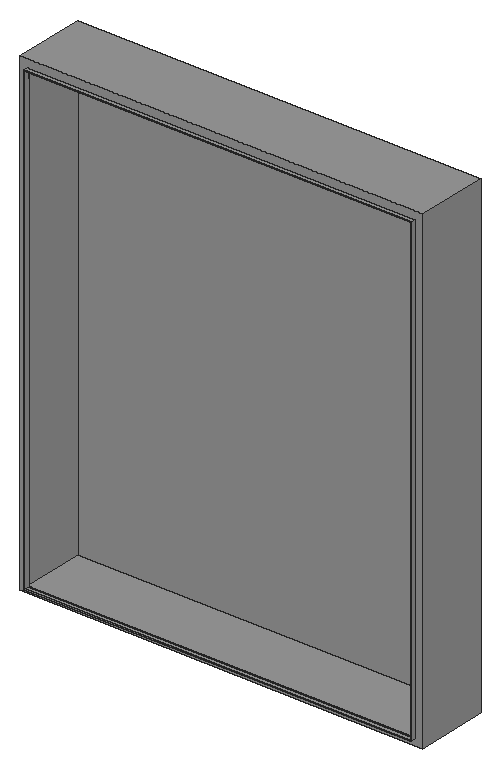
Revit family "Hager-Univers-IP30-D161-Cl.II-FWB-encl--NoHosted-CH-de", category Equipement électrique, Revit 2020
Family settings
  Configuration du panneau = Deux colonnes, circuits au sein
  Cote de connecteur circulaire = Utiliser le diamètre
  Type d'élément = Tableau de raccordement
  Basée sur le plan de construction = Oui
  Toujours verticalement = Oui
  Couper avec des vides une fois chargée = Non
  Partagée = Non
  Point de calcul de pièce = Non
Parameters (values of type "Aufputz IP30 B800 H950 T161  - FWB63D1")
  Width Control [instance] = if([EF000008 - Breite] > Min Width, [EF000008 - Breite], Min Width)  # 800 mm
  Commentaires du type = [HG000003 - Bereich]  # "Univers"
  Thickness Door [instance] = if([EF009171 - Materialstärke Tür/Deckel] > 3 mm, 3 mm, [EF009171 - Materialstärke Tür/Deckel])  # 1 mm
  Seal Frame Offset [instance] = 17 mm  # constant formula
  Plinth Visibility [instance] = [HG000027 - Sockelhöhe] > 0 mm  # no
  Min Width [instance] = 100 mm  # constant formula
  Min Depth [instance] = (2 * [EF009170 - Materialstärke Gehäuse]) + 1 mm  # 5 mm
  Min Height [instance] = 100 mm  # constant formula
  Internal Frame Depth [instance] = (Door System Depth * 0.5)  # 9 mm
  Panel Name [instance] = ""  # (empty or 0)
  Model = ""
  HG000027 - Sockelhöhe = 0 mm
  HG000026 - Stehend auf dem Boden = no
  HG000024 - Höhe des unteren Teils = 600 mm
  HG000023 - Gehäuse mit doppeltem Querschnitt = no
  HG000016 - 3D-Türsichtbarkeit [instance] = yes
  HG000015 - Sichtbarkeit der Türöffnung [instance] = no
  HG000014 - Tür rechts [instance] = yes
  HG000013 - Tür links [instance] = not([HG000014 - Tür rechts])  # no
  HG000012 - Türschwenkwinkel [instance] = 30.00°
  HG000010 - Asymmetrische Türen = no
  HG000009 - Doppelflügeligen Tür = no
  HG000006 - Unterputz = no
  HG000004 - Herstellerreferenz = "FWB63D1"
  HG000003 - Bereich = "Univers"
  HG000002 - Mit tür = no
  Frame Offset Bottom [instance] = 10 mm  # constant formula
  Frame Offset [instance] = 15 mm  # constant formula
  EF015940 - Deckel mit Überdruckentlastung = no
  EF011959 - Schutzart (NEMA) = ""
  EF009554 - Anzahl der Öffnungen für Flanschplatten = 6
  EF009212 - Ausführung Deckel = "EV009916 - mit Ausschnitt"
  EF009171 - Materialstärke Tür/Deckel = 1 mm
  EF009170 - Materialstärke Gehäuse = 2 mm
  EF008873 - Nennstrom (In) = 125 A
  EF007800 - Geeignet für Blitzschutz = no
  EF006306 - Mit Schloss = no
  EF006244 - Transparenter Deckel/Tür = no
  EF005474 - Schutzart (IP) = "EV006410 - IP30"
  EF004464 - Art der Tür = "EV000494 - ohne"
  EF004427 - Anzahl der Module = 216
  EF004293 - Schlagfestigkeit = "EV006815 - IK09"
  EF003532 - Geeignet für Außengebrauch = no
  EF002950 - Breite in Teilungseinheiten = 12
  EF001613 - Funktionserhalt = "EV000494 - ohne"
  EF001596 - Werkstoff des Gehäuses = "EV000179 - Stahl"
  EF001131 - Innentiefe = 160 mm
  EF001088 - Anbaumöglichkeit = yes
  EF000437 - Anzahl der Leitungseinführungen = 12
  EF000339 - Art der Abdeckung = "EV004216 - Tür"
  EF000266 - Anzahl der Reihen = 0
  EF000218 - Einbautiefe = 0 mm
  EF000118 - Mit Montageplatte = no
  EF000116 - RAL-Nummer = "9010"
  EF000049 - Tiefe = 161 mm
  EF000040 - Höhe = 950 mm
  EF000008 - Breite = 800 mm
  EF000007 - Farbe = "EV000202 - weiß"
  EF000003 - Montageart = "EV000384 - Aufputz"
  Door System Leaf Tolerance [instance] = 1.5 mm  # constant formula
  Door System Depth [instance] = 18 mm  # constant formula
  Door Height [instance] = Height Control - [HG000027 - Sockelhöhe]  # 950 mm
  Description = ""
  Default Elevation = 1219.2 mm
  Connector Offset [instance] = Height Control / 2  # 475 mm
  Fabricant = "Hager"  # constant formula
  Height Control [instance] = if([EF000040 - Höhe] > Min Height, [EF000040 - Höhe], Min Height)  # 950 mm
  Depth Control [instance] = if([EF000049 - Tiefe] > Min Depth, [EF000049 - Tiefe], Min Depth)  # 161 mm
  Bottom Top Plate Trim [instance] = 1.5 mm  # constant formula
  Plinth height Ctrl [instance] = if([HG000027 - Sockelhöhe] > 0 mm, [HG000027 - Sockelhöhe], 12 mm)  # 12 mm
Types (19, lengths in mm): name | Width Control | Thickness Door | Min Depth | HG000004 - Herstellerreferenz | EF009554 - Anzahl der Öffnungen für Flanschplatten | EF009212 - Ausführung Deckel | EF009171 - Materialstärke Tür/Deckel | EF009170 - Materialstärke Gehäuse | EF004427 - Anzahl der Module | EF001131 - Innentiefe | EF000437 - Anzahl der Leitungseinführungen | EF000339 - Art der Abdeckung | EF000040 - Höhe | EF000008 - Breite | Door Height | Connector Offset | Height Control
  Aufputz IP30 B1050 H1100 T161  - FWB74D1 | 1050 | 1 | 3 | "FWB74D1" | 8 | "EV009916 - mit Ausschnitt" | 1 | 1 | 336 | 156 | 16 | "EV000494 - ohne" | 1100 | 1050 | 1100 | 550 | 1100
  Aufputz IP30 B1050 H500 T161  - FWB34D1 | 1050 | 2 | 3 | "FWB34D1" | 8 | "EV009916 - mit Ausschnitt" | 2 | 1 | 144 | 156 | 16 | "EV000494 - ohne" | 500 | 1050 | 500 | 250 | 500
  Aufputz IP30 B1050 H650 T161  - FWB44D1 | 1050 | 1 | 3 | "FWB44D1" | 8 | "EV000116 - geschlossen" | 1 | 1 | 192 | 160 | 16 | "EV004216 - Tür" | 650 | 1050 | 650 | 325 | 650
  Aufputz IP30 B1050 H800 T161  - FWB54D1 | 1050 | 1 | 5 | "FWB54D1" | 8 | "EV009916 - mit Ausschnitt" | 1 | 2 | 240 | 160 | 16 | "EV004216 - Tür" | 800 | 1050 | 800 | 400 | 800
  Aufputz IP30 B1050 H950 T161  - FWB64D1 | 1050 | 1 | 5 | "FWB64D1" | 8 | "EV009916 - mit Ausschnitt" | 1 | 2 | 288 | 160 | 16 | "EV004216 - Tür" | 950 | 1050 | 950 | 475 | 950
  Aufputz IP30 B300 H1100 T161  - FWB71D1 | 300 | 1 | 3 | "FWB71D1" | 2 | "EV009916 - mit Ausschnitt" | 1 | 1 | 84 | 156 | 4 | "EV000494 - ohne" | 1100 | 300 | 1100 | 550 | 1100
  Aufputz IP30 B300 H1250 T161  - FWB81D1 | 300 | 1 | 3 | "FWB81D1" | 2 | "EV009916 - mit Ausschnitt" | 1 | 1 | 96 | 160 | 4 | "EV000494 - ohne" | 1250 | 300 | 1250 | 625 | 1250
  Aufputz IP30 B300 H650 T161  - FWB41D1 | 300 | 1 | 3 | "FWB41D1" | 2 | "EV000116 - geschlossen" | 1 | 1 | 48 | 160 | 4 | "EV004216 - Tür" | 650 | 300 | 650 | 325 | 650
  Aufputz IP30 B300 H800 T161  - FWB51D1 | 300 | 1 | 3 | "FWB51D1" | 2 | "EV009916 - mit Ausschnitt" | 1 | 1 | 60 | 156 | 4 | "EV000494 - ohne" | 800 | 300 | 800 | 400 | 800
  Aufputz IP30 B300 H950 T161  - FWB61D1 | 300 | 1 | 3 | "FWB61D1" | 2 | "EV009916 - mit Ausschnitt" | 1 | 1 | 72 | 156 | 4 | "EV000494 - ohne" | 950 | 300 | 950 | 475 | 950
  Aufputz IP30 B550 H1100 T161  - FWB72D1 | 550 | 1 | 3 | "FWB72D1" | 4 | "EV009916 - mit Ausschnitt" | 1 | 1 | 168 | 156 | 8 | "EV000494 - ohne" | 1100 | 550 | 1100 | 550 | 1100
  Aufputz IP30 B550 H500 T161  - FWB32D1 | 550 | 2 | 5 | "FWB32D1" | 4 | "EV009916 - mit Ausschnitt" | 2 | 2 | 72 | 156 | 8 | "EV000494 - ohne" | 500 | 550 | 500 | 250 | 500
  Aufputz IP30 B550 H650 T161  - FWB42D1 | 550 | 1 | 3 | "FWB42D1" | 4 | "EV000116 - geschlossen" | 1 | 1 | 96 | 160 | 8 | "EV004216 - Tür" | 650 | 550 | 650 | 325 | 650
  Aufputz IP30 B550 H800 T161  - FWB52D1 | 550 | 1 | 3 | "FWB52D1" | 4 | "EV009916 - mit Ausschnitt" | 1 | 1 | 120 | 156 | 8 | "EV000494 - ohne" | 800 | 550 | 800 | 400 | 800
  Aufputz IP30 B550 H950 T161  - FWB62D1 | 550 | 1 | 3 | "FWB62D1" | 4 | "EV009916 - mit Ausschnitt" | 1 | 1 | 144 | 156 | 8 | "EV000494 - ohne" | 950 | 550 | 950 | 475 | 950
  Aufputz IP30 B800 H500 T161  - FWB33D1 | 800 | 1 | 3 | "FWB33D1" | 6 | "EV000116 - geschlossen" | 1 | 1 | 108 | 160 | 12 | "EV004216 - Tür" | 500 | 800 | 500 | 250 | 500
  Aufputz IP30 B800 H650 T161  - FWB43D1 | 800 | 1 | 5 | "FWB43D1" | 6 | "EV000116 - geschlossen" | 1 | 2 | 144 | 160 | 12 | "EV004216 - Tür" | 650 | 800 | 650 | 325 | 650
  Aufputz IP30 B800 H800 T161  - FWB53D1 | 800 | 1 | 3 | "FWB53D1" | 6 | "EV000116 - geschlossen" | 1 | 1 | 180 | 160 | 12 | "EV004216 - Tür" | 800 | 800 | 800 | 400 | 800
  Aufputz IP30 B800 H950 T161  - FWB63D1 | 800 | 1 | 5 | "FWB63D1" | 6 | "EV009916 - mit Ausschnitt" | 1 | 2 | 216 | 160 | 12 | "EV004216 - Tür" | 950 | 800 | 950 | 475 | 950
Reference planes
  plane 1 "Center (Front/Back)": y = 0
  plane 2: z = 0
  plane 3 "Center (Left/Right)": x = 0
  plane 4: y = 0
  plane 5: y = 0
  plane 6: z = 0
  plane 7: x = -400
  plane 8: x = 400
  plane 9: x = 398
  plane 10: x = -398
  plane 11: z = 0
  plane 12: z = 2
  plane 13: y = -161
  plane 14: y = -2
  plane 15: x = 0
  plane 16: y = -143
  plane 17: y = -159
  plane 18: y = -141
  plane 19: x = -383
  plane 20: x = 383
  plane 21: z = 12
  plane 22: x = -383
  plane 23: x = 383
  plane 24: z = 0
  plane 25: z = 950
  plane 26: z = 950
  plane 27: z = 933
  plane 28: z = 948
Forms (mm)
  Extrusion 1, solid, material "Hager_Steel_RAL7035_Light_Grey", detail levels medium+fine
    sketch origin (-208.679, -4572, 0) x (-1, 0, 0) y (0, -1, 0)
      loop
        line (191.321, -4429) -> (-608.679, -4429) -> (-608.679, -4572) -> (191.321, -4572) -> (191.321, -4429)
    from 0 to 950
  Extrusion 2, void
    sketch origin (-350.771, -161, 1219.2) x (1, 0, 0) y (0, 0, 1)
      loop
        line (-47.229, -271.2) -> (-47.229, -1217.2) -> (748.771, -1217.2) -> (748.771, -271.2) -> (-47.229, -271.2)
    from -20 to -159
  Extrusion 3, void
    sketch origin (-290.084, -143, 1219.2) x (1, 0, 0) y (0, 0, 1)
      loop
        line (-92.916, -1207.2) -> (673.084, -1207.2) -> (673.084, -286.2) -> (-92.916, -286.2) -> (-92.916, -1207.2)
    from 0 to -2
  Extrusion 4, solid, material "Hager_Steel_RAL7035_Light_Grey", visible <- "Plinth Visibility", detail levels medium+fine
    sketch origin (0, 0, 0) x (1, 0, 0) y (0, 1, 0)
      loop
        line (-400, 0) -> (-400, -143) -> (400, -143) -> (400, 0) -> (-400, 0)
    from 0 to 12 <- "Plinth height Ctrl"
  Extrusion 5, solid, material "Hager_Steel_RAL7035_Light_Grey", detail levels coarse
    sketch origin (0, 0, 0) x (1, 0, 0) y (0, 1, 0)
      loop
        line (-400, 0) -> (-400, -161) -> (400, -161) -> (400, 0) -> (-400, 0)
    from 0 to 950 <- "Height Control"
  Sweep 6, void
    path in 3D
      loop
        line (-400, -143, 12) -> (400, -143, 12) -> (400, 0, 12) -> (-400, 0, 12) -> (-400, -143, 12)
    profile origin (-400, -71.5, 12) x (1, 0, 0) y (0, 0, 1)
      loop
        line (0, 0) -> (0, -1.5) -> (1.5, -1.5)
        arc (1.5, -1.5) -> (1.061, -0.439) -> (0, 0) r 1.5
  Extrusion 7, solid, material "Hager_Steel_RAL7035_Light_Grey", detail levels fine
    sketch origin (-400, -143, 0) x (1, 0, 0) y (0, 0, 1)
      loop
        line (17, 12) -> (783, 12) -> (783, 933) -> (17, 933) -> (17, 12)
      loop
        line (16, 11) -> (784, 11) -> (784, 934) -> (16, 934) -> (16, 11)
    from 0 to 9 <- "Internal Frame Depth"
Cuts and joins
  Extrusion 2, Extrusion 3 cuts Extrusion 1
  Sweep 6 cuts Extrusion 4
Lines and regions (mm)
  Masking region 1
    outline origin (0, 0, 0) x (1, 0, 0) y (0, 1, 0)
      loop
        line (-400, 0) -> (-400, -161) -> (400, -161) -> (400, 0) -> (-400, 0)
  Masking region 2, detail levels coarse
    outline origin (-290.084, -143, 1219.2) x (-1, 0, 0) y (0, 0, 1)
      loop
        line (-690.084, -1219.2) -> (109.916, -1219.2) -> (109.916, -269.2) -> (-690.084, -269.2) -> (-690.084, -1219.2)
  Masking region 3, detail levels coarse
    outline origin (0, 0, 0) x (0, 1, 0) y (0, 0, 1)
      loop
        line (0, 0) -> (0, 950) -> (-161, 950) -> (-161, 0) -> (0, 0)
  Masking region 4, visible <- "Plinth Visibility", detail levels medium+fine
    outline origin (0, 0, 0) x (0, 1, 0) y (0, 0, 1)
      loop
        line (-1.5, 12) -> (-141.5, 12)
        arc (-141.5, 12) -> (-141.939, 10.939) -> (-143, 10.5) r 1.5
        line (-143, 10.5) -> (-143, 0) -> (0, 0) -> (0, 10.5)
        arc (0, 10.5) -> (-1.061, 10.939) -> (-1.5, 12) r 1.5
  Masking region 5, detail levels medium+fine
    outline origin (0, 0, 594.038) x (0, 1, 0) y (0, 0, 1)
      loop
        line (0, -594.038) -> (0, 355.962) -> (-143, 355.962) -> (-143, -594.038) -> (0, -594.038)
  Masking region 6, detail levels medium+fine
    outline origin (-359.7, -143, 1211.883) x (-1, 0, 0) y (0, 0, 1)
      loop
        line (-759.7, -1211.883) -> (40.3, -1211.883) -> (40.3, -261.883) -> (-759.7, -261.883) -> (-759.7, -1211.883)
  Masking region 7, visible <- "Plinth Visibility", detail levels medium+fine
    outline origin (-320.334, -143, 1041.368) x (-1, 0, 0) y (0, 0, 1)
      loop
        line (-720.334, -1041.368) -> (79.666, -1041.368) -> (79.666, -1030.868)
        arc (79.666, -1030.868) -> (78.606, -1030.429) -> (78.166, -1029.368) r 1.5
        line (78.166, -1029.368) -> (-718.834, -1029.368)
        arc (-718.834, -1029.368) -> (-719.273, -1030.429) -> (-720.334, -1030.868) r 1.5
        line (-720.334, -1030.868) -> (-720.334, -1041.368)
  sketch lines
    curve 1: line (-400, 0, 12) -> (-400, -143, 12)
    curve 2: line (-400, -143, 12) -> (400, -143, 12)
    curve 3: line (400, 0, 12) -> (-400, 0, 12)
    curve 4: line (400, -143, 12) -> (400, 0, 12)
Dimensions and locks
  locked: plane 1 "Center (Front/Back)" to plane 5
  "EF009170 - Materialstärke Gehäuse": plane 7 to plane 10
  "EF009170 - Materialstärke Gehäuse": plane 8 to plane 9
  equal spacing: plane 7, plane 3 "Center (Left/Right)", plane 8
  "Width Control": plane 7 to plane 8
  "Depth Control": plane 4 to plane 13
  "EF009170 - Materialstärke Gehäuse": plane 4 to plane 14
  "Height Control": plane 25 to level
  "HG000027 - Sockelhöhe": plane 11 to level
  "EF009170 - Materialstärke Gehäuse": plane 12 to plane 11
  "EF009170 - Materialstärke Gehäuse": plane 17 to plane 13
  "EF009170 - Materialstärke Gehäuse": plane 18 to plane 16
  "Frame Offset Bottom": plane 21 to plane 12
  "Frame Offset": plane 10 to plane 19
  "Frame Offset": plane 9 to plane 20
  "Door System Depth": plane 16 to plane 13
  "Seal Frame Offset": plane 7 to plane 22
  "Seal Frame Offset": plane 8 to plane 23
  "EF009170 - Materialstärke Gehäuse": plane 26 to plane 28
  "Frame Offset": plane 28 to plane 27
  "Connector Offset": plane 2 to connector elem
  "Bottom Top Plate Trim": profile plane to Sweep 6 sketch curve
  "Bottom Top Plate Trim": Sweep 6 sketch curve to Sweep 6 sketch curve
  "Plinth height Ctrl": Masking region 4 sketch curve to level
  "Plinth height Ctrl": Masking region 7 sketch curve to level
  "Thickness Door": Extrusion 7 sketch curve to Extrusion 7 sketch curve  (x4)
  "Bottom Top Plate Trim": radius of Sweep 6 sketch curve
  "Bottom Top Plate Trim": radius of Masking region 4 sketch curve  (x2)
  "Bottom Top Plate Trim": radius of Masking region 7 sketch curve  (x2)
  aligned and locked: Extrusion 2 sketch curve to plane 12
  aligned and locked: Extrusion 2 sketch curve to plane 9
  aligned and locked: Extrusion 2 sketch curve to plane 10
  aligned and locked: Extrusion 2 to plane 14
  aligned and locked: Extrusion 1 sketch curve to plane 4
  aligned and locked: plane 8 to Extrusion 1 sketch curve
  aligned and locked: plane 7 to Extrusion 1 sketch curve
  aligned and locked: Extrusion 2 to plane 18
  aligned and locked: Extrusion 3 sketch curve to plane 19
  aligned and locked: plane 20 to Extrusion 3 sketch curve
  aligned and locked: Extrusion 3 to Extrusion 2
  aligned and locked: Extrusion 3 sketch curve to plane 21
  aligned and locked: plane 3 "Center (Left/Right)" to nested 1
  aligned and locked: Extrusion 1 sketch curve to plane 16
  aligned and locked: Extrusion 4 sketch curve to cut or joined group of Extrusion 1, Extrusion 2, Extrusion 3
  aligned and locked: Masking region 1 sketch curve to plane 7
  aligned and locked: Masking region 1 sketch curve to plane 5
  aligned and locked: Masking region 1 sketch curve to plane 8
  aligned and locked: Masking region 2 sketch curve to level
  aligned and locked: level to Masking region 3 sketch curve
  aligned and locked: plane 1 "Center (Front/Back)" to Masking region 3 sketch curve
  aligned and locked: plane 13 to Masking region 3 sketch curve
  aligned and locked: plane 5 to Masking region 4 sketch curve
  aligned and locked: Masking region 2 sketch curve to plane 8
  aligned and locked: Masking region 2 sketch curve to plane 7
  aligned and locked: plane 7 to nested 2
  aligned and locked: nested 2 to plane 5
  aligned and locked: plane 5 to Masking region 5 sketch curve
  aligned and locked: plane 26 to Masking region 5 sketch curve
  aligned and locked: Extrusion 5 sketch curve to plane 8
  aligned and locked: Extrusion 5 sketch curve to plane 7
  aligned and locked: Extrusion 5 sketch curve to plane 5
  aligned and locked: Extrusion 3 sketch curve to plane 27
  aligned and locked: Extrusion 2 sketch curve to plane 28
  aligned and locked: Masking region 2 to plane 25
  aligned and locked: Extrusion 4 to plane 16
  aligned and locked: profile plane to Sweep 6 sketch curve
  aligned and locked: Masking region 5 sketch curve to plane 24
  aligned and locked: level to Masking region 4 sketch curve
  aligned and locked: Masking region 1 to plane 13
  aligned and locked: nested 1 to plane 16
  aligned and locked: Masking region 3 to plane 25
  aligned and locked: plane 16 to Masking region 4 sketch curve
  aligned and locked: Masking region 5 sketch curve to plane 16
  aligned and locked: plane 24 to plane 11
  aligned and locked: plane 26 to plane 25
  aligned and locked: plane 26 to cut or joined group of Extrusion 1, Extrusion 2, Extrusion 3
  aligned and locked: nested 1 to plane 24
  aligned and locked: Extrusion 1 to Extrusion 3
  aligned and locked: Masking region 6 sketch curve to plane 8
  aligned and locked: Masking region 6 sketch curve to plane 24
  aligned and locked: Masking region 6 sketch curve to plane 7
  aligned and locked: Masking region 6 sketch curve to plane 26
  aligned and locked: Masking region 7 sketch curve to plane 7
  aligned and locked: level to Masking region 7 sketch curve
  aligned and locked: Masking region 7 sketch curve to plane 8
  aligned and locked: Extrusion 7 sketch curve to cut or joined group of Extrusion 1, Extrusion 2, Extrusion 3  (x4)
Automatic sketch dimensions
  plane 19 to Extrusion 3 sketch curve = 0 mm
  Extrusion 3 sketch curve to plane 20 = 0 mm
  Extrusion 3 sketch curve to plane 21 = 0 mm
  Extrusion 4 sketch curve to plane 7 = 0 mm
  Extrusion 4 sketch curve to plane 8 = 0 mm
  Extrusion 4 sketch curve to plane 16 = 0 mm
  Masking region 1 sketch curve to plane 13 = 0 mm
  Masking region 2 sketch curve to plane 25 = 0 mm
  Masking region 3 sketch curve to plane 25 = 0 mm
  Extrusion 5 sketch curve to plane 13 = 0 mm
  profile plane to Sweep 6 sketch curve = 0 mm
Nested families
  nested 1: "EC000058_Univers_Door" at (0, -143, 0), Double <- "HG000009 - Doppelflügeligen Tür", Transparent <- "EF006244 - Transparenter Deckel/Tür", Angle <- "HG000012 - Türschwenkwinkel", Door_Right <- "HG000014 - Tür rechts", Assymetrical <- "HG000010 - Asymmetrische Türen", Door <- "HG000002 - Mit tür", Width_Ctrl <- "Width Control", 3d_Door <- "HG000016 - 3D-Türsichtbarkeit", Clearance <- "HG000015 - Sichtbarkeit der Türöffnung", Door_Left <- "HG000013 - Tür links", Width <- "Width Control", Door_Depth <- "Door System Depth", Leaf_Tolerance <- "Door System Leaf Tolerance", Height <- "Door Height", Lock_Visibility <- "EF006306 - Mit Schloss", Thickness <- "Thickness Door", type "EC000058_Univers_Door", detail levels medium+fine
    with min_wh 3 mm, Width_Ctrl 800 mm, Width 800 mm, Transparent no, Thickness 1 mm, Seal_Material Hager_Rubber, Lock_Visibility no, Lock_Material Hager_Plastic_RAL9005_Jet_Black, Leaf_Width 800 mm, Leaf_Tolerance_External_Sides 0 mm, Leaf_Tolerance 1.5 mm, Leaf_Offset 0 mm, Leaf_Height 947 mm, Leaf_2_Width 800 mm, Leaf_2_Offset 400 mm, Leaf_1_Width 800 mm, Leaf_1_Offset 400 mm, Height_Ctrl 950 mm, Height 950 mm, Glass_Material Hager_Glass, Double_Clearance_Ctrl no, Double no, Door_Right_Ctrl no, Door_Right yes, Door_Material Hager_Steel_RAL7035_Light_Grey, Door_Left_Ctrl no, Door_Left no, Door_Depth 18 mm, Door no, Clearance_Material Hager_Clearance, Clearance_Depth 800 mm, Clearance_Ctrl no, Clearance no, Assymetrical no, Angle 30.00°, 3d_Door yes
  nested 2: "Hager_Enclosure_Symbol" at (-400, 0, 0), Height <- "Depth Control", Width <- "Width Control", type "Hager_Enclosure_Symbol"
    with Width_Ctrl 800 mm, Width 800 mm, Height_Ctrl 161 mm, Height 161 mm, A_Width_Int 10.566 mm, A_Width 126.788 mm, A_Height_Ctrl 140.875 mm, A_Height 140.875 mm
Connectors
  electrical at (0, 0, 475)
    settings: on plane 1 "Center (Front/Back)", index 1, voltage 0 V, apparent load 0 VA, apparent load phase1 0 VA, apparent load phase2 0 VA, apparent load phase3 0 VA, power factor 1, load classification "Other", number of poles 1, system type 30, power factor state 1, is connector primary yes, connector utility no, sub classification motor no, connector description ""
Definition of nested family "EC000058_Univers_Door"
  Parameters (values of type "EC000058_Univers_Door")
    min_wh [instance] = (2 * Thickness) + 1 mm  # 11 mm
    Width_Ctrl [instance] = 400 mm
    Width [instance] = 500 mm
    Transparent [instance] = yes
    Thickness [instance] = 5 mm
    Seal_Material [instance] = none
    Lock_Visibility [instance] = yes
    Lock_Material [instance] = none
    Leaf_Width [instance] = if((Width_Ctrl - 2 * Leaf_Tolerance_External_Sides) > 0 mm, (Width_Ctrl - 2 * Leaf_Tolerance_External_Sides), min_wh)  # 400 mm
    Leaf_Tolerance_External_Sides [instance] = 0 mm  # constant formula
    Leaf_Tolerance [instance] = 1.5 mm
    Leaf_Offset [instance] = 0 mm  # constant formula
    Leaf_Height [instance] = if((Height_Ctrl - 2 * Leaf_Tolerance) > 0 mm, (Height_Ctrl - 2 * Leaf_Tolerance), min_wh)  # 497 mm
    Leaf_2_Width [instance] = if(and(and(Double, Assymetrical), Door_Left), (Leaf_Width / 3) - (Leaf_Tolerance / 2), if(and(and(Double, Assymetrical), Door_Right), (Leaf_Width / 3) * 2 - (Leaf_Tolerance / 2), if(and(Double, not(Assymetrical)), (Leaf_Width / 2) - Leaf_Tolerance, Leaf_Width)))  # 400 mm
    Leaf_2_Offset [instance] = if(and(Double, Assymetrical), Leaf_2_Width / 2, if(and(Double, not(Assymetrical)), Leaf_Width / 4, Leaf_Width / 2))  # 200 mm
    Leaf_1_Width [instance] = if(and(and(Double, Assymetrical), Door_Right), (Leaf_Width / 3) - (Leaf_Tolerance / 2), if(and(and(Double, Assymetrical), Door_Left), (Width / 3) * 2 - (Leaf_Tolerance / 2), if(and(Double, not(Assymetrical)), (Leaf_Width / 2) - Leaf_Tolerance, Leaf_Width)))  # 400 mm
    Leaf_1_Offset [instance] = if(and(Double, Assymetrical), Leaf_1_Width / 2, if(and(Double, not(Assymetrical)), Leaf_Width / 4, Leaf_Width / 2))  # 200 mm
    Height_Ctrl [instance] = if(Height > min_wh, Height, min_wh)  # 500 mm
    Height [instance] = 500 mm
    Glass_Material [instance] = none
    Double_Clearance_Ctrl [instance] = and(Double, Clearance)  # no
    Double [instance] = no
    Door_Right_Ctrl [instance] = and(or(Door_Right, Double), Door)  # yes
    Door_Right [instance] = yes
    Door_Material [instance] = none
    Door_Left_Ctrl [instance] = and(or(Door_Left, Double), Door)  # no
    Door_Left [instance] = no
    Door_Depth [instance] = 30 mm
    Door [instance] = yes
    Default Elevation = 1219.2 mm
    Clearance_Material [instance] = none
    Clearance_Depth [instance] = if(Leaf_1_Width > Leaf_2_Width, Leaf_1_Width, Leaf_2_Width)  # 400 mm
    Clearance_Ctrl [instance] = and(not(Double), Clearance)  # yes
    Clearance [instance] = yes
    Assymetrical [instance] = yes
    Angle [instance] = 30.00°
    3d_Door [instance] = yes
  Reference planes
    plane 1 "Center (Front/Back)": y = 0
    plane 2 "Bottom": z = 0
    plane 3 "Center (Left/Right)": x = 0
    plane 4: z = 500
    plane 5: x = -200
    plane 6: x = 200
    plane 7: z = 500
    plane 8: x = -200
    plane 9: z = 0
    plane 10: x = 200
    plane 11: y = 0
    plane 12: z = 1.5
    plane 13: x = -600
    plane 14: y = -400
    plane 15: x = 600
    plane 16: x = 0
    plane 17: x = 0
    plane 18: x = -200
    plane 19: x = 200
    plane 20: z = 498.5
  Forms (mm)
    Extrusion 1, solid, material <- "Clearance_Material", visible <- "Double_Clearance_Ctrl"
      sketch origin (1200, 0, 0) x (1, 0, 0) y (0, 0, -1)
        loop
          line (-1800, -498.5) -> (-600, -498.5) -> (-600, 0) -> (-1800, 0) -> (-1800, -498.5)
      from 0 to -400
  Dimensions and locks
    equal spacing: plane 5, plane 3 "Center (Left/Right)", plane 6
    "Width_Ctrl": plane 5 to plane 6
    "Leaf_Offset": plane 5 to plane 8
    "Leaf_Offset": plane 6 to plane 10
    "Leaf_Offset": plane 9 to level
    "Leaf_Offset": plane 4 to plane 7
    "Height_Ctrl": plane 4 to level
    "Leaf_Tolerance": plane 12 to plane 9
    locked: plane 11 to plane 1 "Center (Front/Back)"
    "Leaf_1_Offset": plane 18 to plane 16
    "Leaf_2_Offset": plane 17 to plane 19
    "Leaf_1_Width": plane 13 to plane 8
    "Leaf_2_Width": plane 10 to plane 15
    "Clearance_Depth": plane 14 to plane 1 "Center (Front/Back)"
    "Leaf_Tolerance_External_Sides": plane 8 to plane 18
    "Leaf_Tolerance_External_Sides": plane 19 to plane 10
    "Leaf_Tolerance": plane 7 to plane 20
    aligned and locked: level to plane 2 "Bottom"
    aligned and locked: nested 1 to plane 16
    aligned and locked: nested 2 to plane 17
    aligned and locked: Extrusion 1 to plane 13
    aligned and locked: plane 15 to Extrusion 1
    aligned and locked: Extrusion 1 to plane 14
    aligned and locked: plane 12 to nested 1
    aligned and locked: nested 2 to plane 12
    aligned and locked: Extrusion 1 to plane 11
    aligned and locked: plane 20 to Extrusion 1
    aligned and locked: nested 2 to plane 11
    aligned and locked: nested 1 to plane 11
  Automatic sketch dimensions
    Extrusion 1 sketch curve to level = 0 mm
    plane 5 to Extrusion 1 sketch curve = 400 mm
    plane 6 to Extrusion 1 sketch curve = 400 mm
    Extrusion 1 sketch curve to plane 4 = 1.5 mm
  Nested families
    nested 1: "EC000058_Univers_Door_Leaf" at (0, 0, 1.5), Width <- "Leaf_1_Width", visible <- "Door_Left_Ctrl", Leaf_Height <- "Leaf_Height", Angle <- "Angle", 3d_Door <- "3d_Door", Transparent <- "Transparent", Clearance Material <- "Clearance_Material", Clearance <- "Clearance_Ctrl", Door_Material <- "Door_Material", Glass_Material <- "Glass_Material", Door_Depth <- "Door_Depth", Lock_Material <- "Lock_Material", Seal_Material <- "Seal_Material", Lock_Visibility <- "Lock_Visibility", Thickness <- "Thickness", type "EC000058_Univers_Door_Leaf"
      with Width 400 mm, Transparent_Glass_Offset 30 mm, Transparent_Ctrl yes, Transparent yes, Thickness 5 mm, Standard no, Seal_Material none, Seal_D2 8 mm, Seal_D1 1 mm, Offset_Internal_Frame 10 mm, Lock_Width 20 mm, Lock_Visibility_3d yes, Lock_Visibility yes, Lock_Thickness_3 3 mm, Lock_Thickness_2 1 mm, Lock_Thickness_1 3 mm, Lock_Radius_Offset_2 16 mm, Lock_Radius_Offset_1 15 mm, Lock_Radius_2 5 mm, Lock_Radius 6 mm, Lock_Offset 5 mm, Lock_Material none, Lock_Height 80 mm, Lock_Cover_Top_Offset_2d 17 mm, Lock_Cover_Height -65 mm, Leaf_Height 497 mm, Internal_Seal_Thickness 8 mm, Internal_Seal_Depth_2 4.5 mm, Internal_Frame_Depth 25 mm, Glass_Thickness -1 mm, Glass_Offset -2 mm, Glass_Material none, Door_Material none, Door_Depth 30 mm, Clearance Material none, Clearance yes, Angle_Ctrl 30.00°, Angle 30.00°, 3d_Door yes
    nested 2: "EC000058_Univers_Door_Leaf" at (0, 0, 1.5) x (-1, 0, 0) z (0, 0, 1), Width <- "Leaf_2_Width", visible <- "Door_Right_Ctrl", Leaf_Height <- "Leaf_Height", Angle <- "Angle", 3d_Door <- "3d_Door", Transparent <- "Transparent", Clearance Material <- "Clearance_Material", Clearance <- "Clearance_Ctrl", Door_Material <- "Door_Material", Glass_Material <- "Glass_Material", Door_Depth <- "Door_Depth", Lock_Material <- "Lock_Material", Seal_Material <- "Seal_Material", Lock_Visibility <- "Lock_Visibility", Thickness <- "Thickness", type "EC000058_Univers_Door_Leaf"
      with Width 400 mm, Transparent_Glass_Offset 30 mm, Transparent_Ctrl yes, Transparent yes, Thickness 5 mm, Standard no, Seal_Material none, Seal_D2 8 mm, Seal_D1 1 mm, Offset_Internal_Frame 10 mm, Lock_Width 20 mm, Lock_Visibility_3d yes, Lock_Visibility yes, Lock_Thickness_3 3 mm, Lock_Thickness_2 1 mm, Lock_Thickness_1 3 mm, Lock_Radius_Offset_2 16 mm, Lock_Radius_Offset_1 15 mm, Lock_Radius_2 5 mm, Lock_Radius 6 mm, Lock_Offset 5 mm, Lock_Material none, Lock_Height 80 mm, Lock_Cover_Top_Offset_2d 17 mm, Lock_Cover_Height -65 mm, Leaf_Height 497 mm, Internal_Seal_Thickness 8 mm, Internal_Seal_Depth_2 4.5 mm, Internal_Frame_Depth 25 mm, Glass_Thickness -1 mm, Glass_Offset -2 mm, Glass_Material none, Door_Material none, Door_Depth 30 mm, Clearance Material none, Clearance yes, Angle_Ctrl 30.00°, Angle 30.00°, 3d_Door yes
  Definition of nested family "EC000058_Univers_Door_Leaf"
    Parameters (values of type "EC000058_Univers_Door_Leaf")
      Width [instance] = 2000 mm
      Transparent_Glass_Offset [instance] = 30 mm
      Transparent_Ctrl [instance] = and(Transparent, [3d_Door])  # yes
      Transparent [instance] = yes
      Thickness [instance] = 5 mm
      Standard [instance] = and(not(Transparent), [3d_Door])  # no
      Seal_Material [instance] = none
      Seal_D2 [instance] = 8 mm  # constant formula
      Seal_D1 [instance] = 1 mm  # constant formula
      Offset_Internal_Frame [instance] = 10 mm  # constant formula
      Lock_Width [instance] = 20 mm  # constant formula
      Lock_Visibility_3d [instance] = and(Lock_Visibility, [3d_Door])  # yes
      Lock_Visibility [instance] = yes
      Lock_Thickness_3 [instance] = 3 mm  # constant formula
      Lock_Thickness_2 [instance] = 1 mm  # constant formula
      Lock_Thickness_1 [instance] = 3 mm  # constant formula
      Lock_Radius_Offset_2 [instance] = Lock_Radius_Offset_1 + 1 mm  # 16 mm
      Lock_Radius_Offset_1 [instance] = 15 mm  # constant formula
      Lock_Radius_2 [instance] = Lock_Radius - 1 mm  # 5 mm
      Lock_Radius [instance] = 6 mm  # constant formula
      Lock_Offset [instance] = 5 mm  # constant formula
      Lock_Material [instance] = none
      Lock_Height [instance] = 80 mm  # constant formula
      Lock_Cover_Top_Offset_2d [instance] = Lock_Radius_Offset_2 + 1 mm  # 17 mm
      Lock_Cover_Height [instance] = -(Lock_Height - Lock_Radius_Offset_1)  # -65 mm
      Leaf_Height [instance] = 2720.336 mm
      Internal_Seal_Thickness [instance] = 8 mm  # constant formula
      Internal_Seal_Depth_2 [instance] = 4.5 mm  # constant formula
      Internal_Frame_Depth [instance] = if(Door_Depth - Thickness > 5 mm, Door_Depth - Thickness, 5 mm)  # 25 mm
      Glass_Thickness [instance] = if(Thickness > 15 mm, Glass_Offset + 10 mm, -1 mm)  # -1 mm
      Glass_Offset [instance] = if(Thickness > 15 mm, -(Thickness + 10 mm) / 2, -2 mm)  # -2 mm
      Glass_Material [instance] = none
      Door_Material [instance] = none
      Door_Depth [instance] = 30 mm
      Default Elevation = 0 mm
      Clearance Material [instance] = none
      Clearance [instance] = yes
      Angle_Ctrl [instance] = if(Angle > 180.00°, 180.00°, Angle)  # 90.00°
      Angle [instance] = 90.00°
      3d_Door [instance] = yes
    Reference planes
      plane 1 "Center (Front/Back)": y = 0
      plane 2: z = 0
      plane 3 "Center (Left/Right)": x = 0
      plane 4: y = 2000
      plane 5: x = -1000
      plane 6: x = 1000
      plane 7: x = -3000
      plane 8: z = 2720.336
      plane 9: z = 30
      plane 10: z = 2690.336
      plane 11: x = 970
      plane 12: x = -970
      plane 13: y = -3
      plane 14: z = 107.833
      plane 15: y = -5
      plane 16: y = -223.314
      plane 17: x = -1000
      plane 18: z = 1360.168
      plane 19: y = 30
    Forms (mm)
      Extrusion 1, solid, material <- "Clearance Material", visible <- "Clearance"
        sketch origin (0, 0, 0) x (1, 0, 0) y (0, 0, 1)
          loop
            line (-3000, 2720.336) -> (-3000, 0) -> (1000, 0) -> (1000, 2720.336) -> (-3000, 2720.336)
        from 0 to -2000
      Extrusion 2, solid, material <- "Door_Material", visible <- "Standard", detail levels medium+fine
        sketch origin (-1000, 0, 0) x (0, 1, 0) y (-1, 0, 0)
          loop
            line (0, 30) -> (0, 25) -> (2000, 25) -> (2000, 30) -> (0, 30)
        from 0 to 2720.336 <- "Leaf_Height"
      Extrusion 3, solid, material <- "Door_Material", visible <- "Transparent_Ctrl", detail levels medium+fine
        sketch origin (-1000, 0, 0) x (0, 1, 0) y (-1, 0, 0)
          loop
            line (0, 25) -> (2000, 25) -> (2000, 30) -> (0, 30) -> (0, 25)
        from 0 to 2720.336 <- "Leaf_Height"
      Extrusion 4, void
        sketch origin (-1025, 2000, 0) x (0, 1, 0) y (0, 0, -1)
          loop
            line (-30, -2690.336) -> (-30, -30) -> (-1970, -30) -> (-1970, -2690.336) -> (-30, -2690.336)
        from 0 to 5 <- "Thickness"
      Sweep 5, solid, material <- "Seal_Material", visible <- "Transparent_Ctrl", detail levels fine
        path in 3D
          loop
            line (-1025, 30, 30) -> (-1025, 30, 2690.336) -> (-1025, 1970, 2690.336) -> (-1025, 1970, 30) -> (-1025, 30, 30)
        profile origin (-1025, 1000, 30) x (1, 0, 0) y (0, 0, 1)
          loop
            line (0, 0) -> (0, -8) -> (1, -8) -> (1, 0) -> (0, 0)
      Extrusion 6, solid, material <- "Glass_Material", visible <- "Transparent_Ctrl", detail levels medium+fine
        sketch origin (-1030, 0, 0) x (0, 1, 0) y (0, 0, -1)
          loop
            line (1970, -2690.336) -> (1970, -30) -> (30, -30) -> (30, -2690.336) -> (1970, -2690.336)
        from -2 <- "Glass_Offset" to -1 <- "Glass_Thickness"
      Extrusion 7, solid, material <- "Door_Material", visible <- "3d_Door", detail levels medium+fine
        sketch origin (-1025, 2000, 0) x (0, -1, 0) y (0, 0, -1)
          loop
            line (0, -2720.336) -> (2000, -2720.336) -> (2000, 0) -> (0, 0) -> (0, -2720.336)
          loop
            line (1995, -5) -> (5, -5) -> (5, -2715.336) -> (1995, -2715.336) -> (1995, -5)
        from 0 to 25 <- "Internal_Frame_Depth"
      Sweep 8, solid, material <- "Seal_Material", visible <- "Transparent_Ctrl", detail levels fine
        path in 3D
          loop
            line (-1025, 0, 0) -> (-1025, 2000, 0) -> (-1025, 2000, 2720.336) -> (-1025, 0, 2720.336) -> (-1025, 0, 0)
        profile origin (-1025, 0, 1360.168) x (1, 0, 0) y (0, 1, 0)
          loop
            line (0, 10) -> (2.975, 10)
            arc (2.975, 10) -> (4.053, 10.447) -> (4.5, 11.525) r 1.525
            line (4.5, 11.525) -> (4.5, 16.527)
            arc (4.5, 16.527) -> (4.069, 17.569) -> (3.027, 18) r 1.473
            line (3.027, 18) -> (0, 18) -> (0, 10)
      Extrusion 9, solid, material <- "Lock_Material", visible <- "Lock_Visibility_3d", detail levels fine
        sketch origin (-1030, 0, 0) x (0, 1, 0) y (0, 0, -1)
          loop
            arc (1993.5, -1400.168) -> (1994.561, -1399.729) -> (1995, -1398.668) r 1.5
            line (1995, -1398.668) -> (1995, -1320.168) -> (1975, -1320.168) -> (1975, -1398.668)
            arc (1975, -1398.668) -> (1975.439, -1399.729) -> (1976.5, -1400.168) r 1.5
            line (1976.5, -1400.168) -> (1993.5, -1400.168)
        from 3 <- "Lock_Thickness_1" to 0
      Blend 10, solid, material <- "Lock_Material", visible <- "Lock_Visibility_3d", detail levels fine
        base sketch origin (-1033, 0, 0) x (0, 1, 0) y (0, 0, -1)
          loop
            line (1975, -1320.168) -> (1975, -1398.668)
            arc (1975, -1398.668) -> (1975.439, -1399.729) -> (1976.5, -1400.168) r 1.5
            line (1976.5, -1400.168) -> (1993.5, -1400.168)
            arc (1993.5, -1400.168) -> (1994.561, -1399.729) -> (1995, -1398.668) r 1.5
            line (1995, -1398.668) -> (1995, -1320.168) -> (1975, -1320.168)
        top sketch origin (-1033, 0, 0) x (0, 1, 0) y (0, 0, -1)
          loop
            line (1976, -1320.168) -> (1976, -1398.668)
            arc (1976, -1398.668) -> (1976.146, -1399.022) -> (1976.5, -1399.168) r 0.5
            line (1976.5, -1399.168) -> (1993.5, -1399.168)
            arc (1993.5, -1399.168) -> (1993.854, -1399.022) -> (1994, -1398.668) r 0.5
            line (1994, -1398.668) -> (1994, -1320.168) -> (1976, -1320.168)
        from 0 to 1 <- "Lock_Thickness_2"
      Blend 11, solid, material <- "Lock_Material", visible <- "Lock_Visibility_3d", detail levels fine
        base sketch origin (-1034, 0, 0) x (0, 1, 0) y (0, 0, -1)
          loop
            line (1978, -1320.168) -> (1978, -1384.168)
            arc (1978, -1384.168) -> (1985, -1391.168) -> (1992, -1384.168) r 7
            line (1992, -1384.168) -> (1992, -1320.168) -> (1978, -1320.168)
        top sketch origin (-1034, 0, 0) x (0, 1, 0) y (0, 0, -1)
          loop
            line (1991, -1320.168) -> (1979, -1320.168) -> (1979, -1383.168)
            arc (1979, -1383.168) -> (1985, -1389.168) -> (1991, -1383.168) r 6
            line (1991, -1383.168) -> (1991, -1320.168)
        from 0 to 3 <- "Lock_Thickness_3"
      Extrusion 12, solid, material <- "Lock_Material", visible <- "Lock_Visibility_3d", detail levels fine
        sketch origin (-1030, 1975, 1320.168) x (1, 0, 0) y (0, -1, 0)
          loop
            line (-7, -19) -> (-7, -1) -> (0, -1) -> (0, 0) -> (-8, 0) -> (-8, -20) -> (0, -20) -> (0, -19) -> (-7, -19)
        from 0 to -65 <- "Lock_Cover_Height"
      Extrusion 13, void
        sketch origin (-1038, 1995, 1320.168) x (-1, 0, 0) y (0, 0, -1)
          loop
            line (-5, -65) -> (0, -65) -> (-5, -60) -> (-5, -65)
        from 0 to 20 <- "Lock_Width"
      Extrusion 14, void
        sketch origin (-1038, 1975, 1320.168) x (0, -1, 0) y (0, 0, -1)
          loop
            circle (-10, -15.995) r 6
          loop
            circle (-10, -15.995) r 5
        from 0 to 2
      Extrusion 15, solid, material <- "Lock_Material", visible <- "Lock_Visibility_3d", detail levels medium
        sketch origin (-1030, 0, 0) x (0, 1, 0) y (0, 0, -1)
          loop
            arc (1993.5, -1400.168) -> (1994.561, -1399.729) -> (1995, -1398.668) r 1.5
            line (1995, -1398.668) -> (1995, -1320.168) -> (1975, -1320.168) -> (1975, -1398.668)
            arc (1975, -1398.668) -> (1975.439, -1399.729) -> (1976.5, -1400.168) r 1.5
            line (1976.5, -1400.168) -> (1993.5, -1400.168)
        from 8 to 0
    Cuts and joins
      Extrusion 4 cuts Extrusion 3
      Extrusion 13, Extrusion 14 cuts Extrusion 9
      Extrusion 14 cuts Blend 11
      Extrusion 13, Extrusion 14 cuts Extrusion 12
      joined: Extrusion 9, Blend 10, Blend 11, Extrusion 12
      Extrusion 14 cuts Extrusion 15
    Lines and regions (mm)
      Masking region 1, visible <- "Lock_Visibility", detail levels fine
        outline origin (0, 0, 0) x (0, 1, 0) y (0, 0, 1)
          loop
            line (30, 1320.168) -> (33, 1320.168) -> (33, 1400.168) -> (30, 1400.168) -> (30, 1320.168)
      Masking region 2, visible <- "Lock_Visibility", detail levels fine
        outline origin (0, 3.143, 0) x (0, 1, 0) y (0, 0, 1)
          loop
            line (29.857, 1354.168) -> (30.857, 1354.168) -> (30.857, 1366.168) -> (29.857, 1366.168) -> (29.857, 1354.168)
      Masking region 3, detail levels medium+fine
        outline origin (0, 0, 0) x (0, 1, 0) y (0, 0, 1)
          loop
            line (0, 0) -> (30, 0) -> (30, 2720.336) -> (0, 2720.336) -> (0, 0)
      Masking region 4, detail levels medium+fine
        outline origin (0, 0, 0) x (1, 0, 0) y (0, 0, 1)
          loop
            line (-1000, 2720.336) -> (-1000, 0) -> (1000, 0) -> (1000, 2720.336) -> (-1000, 2720.336)
      Masking region 5, visible <- "Lock_Visibility", detail levels fine
        outline origin (-47.116, 0, 0) x (1, 0, 0) y (0, 0, 1)
          loop
            arc (1024.616, 1399.168) -> (1023.556, 1398.729) -> (1023.116, 1397.668) r 1.5
            line (1023.116, 1397.668) -> (1023.116, 1320.168) -> (1041.116, 1320.168) -> (1041.116, 1397.668)
            arc (1041.116, 1397.668) -> (1040.677, 1398.729) -> (1039.616, 1399.168) r 1.5
            line (1039.616, 1399.168) -> (1024.616, 1399.168)
      Masking region 6, visible <- "Lock_Visibility", detail levels medium+fine
        outline origin (-25, 0, 0) x (1, 0, 0) y (0, 0, 1)
          loop
            arc (1001.5, 1400.168) -> (1000.439, 1399.729) -> (1000, 1398.668) r 1.5
            line (1000, 1398.668) -> (1000, 1320.168) -> (1020, 1320.168) -> (1020, 1398.668)
            arc (1020, 1398.668) -> (1019.561, 1399.729) -> (1018.5, 1400.168) r 1.5
            line (1018.5, 1400.168) -> (1001.5, 1400.168)
      Masking region 7, visible <- "Lock_Visibility", detail levels fine
        outline origin (-73.735, 0, 0) x (1, 0, 0) y (0, 0, 1)
          loop
            line (1051.735, 1382.168) -> (1065.735, 1382.168) -> (1065.735, 1384.168)
            arc (1065.735, 1384.168) -> (1058.735, 1391.168) -> (1051.735, 1384.168) r 7
            line (1051.735, 1384.168) -> (1051.735, 1382.168)
      Masking region 8, visible <- "Lock_Visibility", detail levels fine
        outline origin (-73.735, 0, 0) x (1, 0, 0) y (0, 0, 1)
          loop
            line (1052.735, 1382.168) -> (1064.735, 1382.168) -> (1064.735, 1383.168)
            arc (1064.735, 1383.168) -> (1058.735, 1389.168) -> (1052.735, 1383.168) r 6
            line (1052.735, 1383.168) -> (1052.735, 1382.168)
      Masking region 9, visible <- "Lock_Visibility", detail levels fine
        outline origin (-25, 0, 0) x (1, 0, 0) y (0, 0, 1)
          loop
            line (1020, 1320.168) -> (1020, 1382.168) -> (1000, 1382.168) -> (1000, 1320.168) -> (1020, 1320.168)
      Masking region 10, detail levels medium+fine
        outline origin (0, 0, 0) x (1, 0, 0) y (0, 0, 1)
          loop
            circle (985, 1335.144) r 6
      Masking region 11, detail levels fine
        outline origin (0, 0, 0) x (1, 0, 0) y (0, 0, 1)
          loop
            circle (985, 1335.144) r 5
      Masking region 12, visible <- "Lock_Visibility", detail levels fine
        outline origin (0, 12.767, 0) x (0, 1, 0) y (0, 0, 1)
          loop
            line (20.233, 1320.168) -> (21.233, 1320.168) -> (21.233, 1399.168) -> (20.233, 1400.168) -> (20.233, 1320.168)
      Masking region 13, visible <- "Lock_Visibility", detail levels fine
        outline origin (0, 13.767, -10) x (0, 1, 0) y (0, 0, 1)
          loop
            line (20.233, 1330.168) -> (23.233, 1330.168) -> (23.233, 1399.168) -> (20.233, 1402.168) -> (20.233, 1330.168)
      Masking region 14, visible <- "Lock_Visibility", detail levels fine
        outline origin (0, 12.767, -10) x (0, 1, 0) y (0, 0, 1)
          loop
            line (20.233, 1330.168) -> (25.233, 1330.168) -> (25.233, 1399.305) -> (20.233, 1394.305) -> (20.233, 1330.168)
      Masking region 15, visible <- "Lock_Visibility", detail levels medium
        outline origin (0, 0, 0) x (0, 1, 0) y (0, 0, 1)
          loop
            line (30, 1320.168) -> (38, 1320.168) -> (38, 1400.168) -> (30, 1400.168) -> (30, 1320.168)
      Masking region 16, visible <- "Lock_Visibility", detail levels fine
        outline origin (-1000, 0, 0) x (0, 1, 0) y (-1, 0, 0)
          loop
            line (1975, 30) -> (1995, 30) -> (1995, 38) -> (1975, 38) -> (1975, 30)
          loop
            line (1979, 37) -> (1976, 37) -> (1976, 34) -> (1978, 34) -> (1979, 37)
          loop
            line (1994, 37) -> (1991, 37) -> (1992, 34) -> (1994, 34) -> (1994, 37)
      Masking region 17, visible <- "Lock_Visibility", detail levels medium
        outline origin (-1000, 0, 0) x (0, 1, 0) y (-1, 0, 0)
          loop
            line (1975, 30) -> (1995, 30) -> (1995, 38) -> (1975, 38) -> (1975, 30)
      symbolic lines
        curve 1: line (1000, 0, 0) -> (-3000, 0, 0)
        curve 2: arc (1000, 0, 0) -> (-1000, 2000, 0) -> (-3000, 0, 0) r 2000
        curve 4: line (-1030, 0, 0) -> (-1030, 2000, 0)
      reference lines
        curve 3: line (-1000, 0, 0) -> (-1000, 2000, 0)
      symbolic lines, detail levels medium+fine
        curve 5: line (-1030, 2000, 0) -> (-1025, 2000, 0)
        curve 7: line (-1025, 0, 0) -> (-1030, 0, 0)
        curve 8: line (-1025, 0, 0) -> (-1000, 0, 0)
        curve 9: line (-1000, 0, 0) -> (-1000, 2000, 0)
        curve 10: line (-1000, 2000, 0) -> (-1025, 2000, 0)
      symbolic lines, detail levels fine
        curve 6: line (-1025, 2000, 0) -> (-1025, 0, 0)
      sketch lines
        curve 11: line (-1025, 0, 2720.336) -> (-1025, 0, 0)
        curve 12: line (-1025, 2000, 0) -> (-1025, 0, 0)
        curve 13: line (-1025, 2000, 2720.336) -> (-1025, 2000, 0)
        curve 14: line (-1025, 0, 2720.336) -> (-1025, 2000, 2720.336)
        curve 15: line (-1025, 1970, 30) -> (-1025, 30, 30)
        curve 16: line (-1025, 30, 30) -> (-1025, 30, 2690.336)
        curve 17: line (-1025, 1970, 2690.336) -> (-1025, 1970, 30)
        curve 18: line (-1025, 30, 2690.336) -> (-1025, 1970, 2690.336)
      symbolic lines, visible <- "Transparent", detail levels medium+fine
        curve 19: line (-970, 0, 2690.336) -> (970, 0, 2690.336)
        curve 20: line (-970, 0, 30) -> (-970, 0, 2690.336)
        curve 21: line (970, 0, 30) -> (-970, 0, 30)
        curve 22: line (970, 0, 2690.336) -> (970, 0, 30)
    Dimensions and locks
      "Width": plane 1 "Center (Front/Back)" to plane 4
      equal spacing: plane 5, plane 3 "Center (Left/Right)", plane 6
      "Width": plane 5 to plane 6
      "Width": plane 7 to plane 5
      "Leaf_Height": plane 8 to level
      "Width": curve 5 to curve 3
      "Width": curve 3 to curve 3
      plane 8 to plane 10 = 30 mm
      plane 9 to level = 30 mm
      plane 12 to plane 5 = 30 mm
      plane 6 to plane 11 = 30 mm
      Extrusion 1 to Extrusion 4 sketch curve = 30 mm
      "Transparent_Glass_Offset": curve 3 to Extrusion 4 sketch curve
      "Transparent_Glass_Offset": Extrusion 4 sketch curve to cut or joined group of Extrusion 3, Extrusion 4  (x2)
      cut or joined group of Extrusion 3, Extrusion 4 to Extrusion 6 sketch curve = 30 mm
      "Transparent_Glass_Offset": cut or joined group of Extrusion 3, Extrusion 4 to Extrusion 4 sketch curve
      "Thickness": curve 6 to curve 4
      "Thickness": Extrusion 7 sketch curve to Extrusion 7 sketch curve  (x4)
      "Door_Depth": curve 4 to curve 3
      "Offset_Internal_Frame": profile plane to Sweep 8 sketch curve
      "Internal_Seal_Thickness": Sweep 8 sketch curve to Sweep 8 sketch curve
      "Internal_Seal_Depth_2": profile plane to Sweep 8 sketch curve
      "Seal_D1": profile plane to Sweep 5 sketch curve
      "Seal_D2": profile plane to Sweep 5 sketch curve
      "Thickness": Extrusion 2 sketch curve to Extrusion 2 sketch curve
      equal spacing: Extrusion 9 sketch curve, plane 18, Extrusion 9 sketch curve  (x2)
      equal spacing: Masking region 1 sketch curve, plane 18, Masking region 1 sketch curve
      "Lock_Height": Masking region 1 sketch curve to Masking region 1 sketch curve
      "Lock_Radius": Masking region 2 sketch curve to plane 18 to Masking region 2 sketch curve
      Masking region 2 sketch curve to Masking region 1 = 1 mm
      "Door_Depth": plane 19 to plane 1 "Center (Front/Back)"
      "Lock_Thickness_1": Masking region 1 sketch curve to plane 19
      "Lock_Width": Extrusion 9 sketch curve to Extrusion 9 sketch curve
      "Lock_Height": Extrusion 9 sketch curve to Extrusion 9 sketch curve
      "Lock_Offset": cut or joined group of Extrusion 3, Extrusion 4 to Extrusion 9 sketch curve
      equal spacing: plane 8, plane 18, level
      "Lock_Radius_Offset_1": Blend 11 sketch curve to Blend 10
      locked: Blend 10 to Blend 11 sketch curve at 2  (x2)
      locked: var sketch to Blend 11 sketch curve at 1  (x2)
      "Lock_Radius_Offset_2": Blend 11 sketch curve to Blend 10
      locked: Extrusion 12 sketch curve to Extrusion 12 sketch curve at 1  (x3)
      Masking region 6 sketch curve to Masking region 6 sketch curve = 80 mm
      "Lock_Height": Masking region 6 sketch curve to Masking region 6 sketch curve
      "Lock_Width": Masking region 6 sketch curve to Masking region 6 sketch curve
      locked: Masking region 6 to Masking region 5 sketch curve at 1  (x3)
      locked: Masking region 5 to Masking region 7 sketch curve at 2  (x2)
      "Lock_Radius_Offset_1": Masking region 5 to Masking region 7 sketch curve
      "Lock_Radius_Offset_2": Masking region 5 to Masking region 8 sketch curve
      locked: Masking region 7 to Masking region 8 sketch curve at 1  (x2)
      "Lock_Cover_Top_Offset_2d": Masking region 5 to Masking region 9 sketch curve
      equal spacing: Masking region 9, Masking region 10 sketch curve, Masking region 9
      equal spacing: Masking region 9, Masking region 11 sketch curve, Masking region 9
      Extrusion 15 sketch curve to Extrusion 15 sketch curve = 80 mm
      "Lock_Width": Extrusion 15 sketch curve to Extrusion 15 sketch curve
      "Lock_Height": Extrusion 15 sketch curve to Extrusion 15 sketch curve
      equal spacing: Extrusion 15 sketch curve, plane 18, Extrusion 15 sketch curve
      "Lock_Thickness_3": Masking region 13 sketch curve to Masking region 13 sketch curve
      "Lock_Height": Masking region 12 sketch curve to Masking region 12 sketch curve
      locked: Masking region 13 sketch curve to Masking region 1 at 8
      locked: Masking region 14 sketch curve to Masking region 13 at 1
      locked: Masking region 14 sketch curve to Masking region 1 at 10.863
      "Lock_Height": Masking region 15 sketch curve to Masking region 15 sketch curve
      "Lock_Offset": Extrusion 15 sketch curve to cut or joined group of Extrusion 3, Extrusion 4
      "Lock_Offset": plane 6 to Masking region 6 sketch curve
      radius of Sweep 8 sketch curve = 1.525 mm
      radius of Sweep 8 sketch curve = 1.473 mm
      radius of Extrusion 9 sketch curve = 1.5 mm  (x2)
      "Lock_Radius": radius of Extrusion 14 sketch curve
      "Lock_Radius_2": radius of Extrusion 14 sketch curve
      "Lock_Radius": radius of Masking region 10 sketch curve
      "Lock_Radius_2": radius of Masking region 11 sketch curve
      radius of Extrusion 15 sketch curve = 1.5 mm  (x2)
      "Angle_Ctrl": angle plane 1 "Center (Front/Back)" to curve 3
      locked: Masking region 12 sketch curve to Masking region 12 sketch curve (angle 45.00°)
      locked: Masking region 13 sketch curve to Masking region 13 sketch curve (angle 45.00°)
      locked: Masking region 14 sketch curve to Masking region 14 sketch curve (angle 45.00°)
      aligned and locked: level to plane 2
      aligned and locked: Extrusion 1 to curve 1
      aligned and locked: plane 6 to Extrusion 1
      aligned and locked: Extrusion 1 to plane 1 "Center (Front/Back)"
      aligned and locked: plane 4 to Extrusion 1
      aligned and locked: plane 8 to Extrusion 1
      aligned and locked: curve 7 to Extrusion 2 sketch curve
      aligned and locked: curve 5 to Extrusion 2 sketch curve
      aligned and locked: curve 7 to Extrusion 3 sketch curve
      aligned and locked: Extrusion 3 sketch curve to curve 4
      aligned and locked: Extrusion 3 sketch curve to curve 6
      aligned and locked: Extrusion 3 sketch curve to curve 5
      aligned and locked: curve 9 to curve 3
      aligned and locked: Extrusion 7 sketch curve to cut or joined group of Extrusion 3, Extrusion 4  (x4)
      aligned and locked: plane 17 to curve 3
      aligned and locked: plane 1 "Center (Front/Back)" to curve 3
      aligned and locked: plane 17 to plane 5
      aligned and locked: Sweep 8 sketch curve to profile plane
      aligned and locked: Sweep 5 sketch curve to profile plane  (x2)
      aligned and locked: Masking region 1 to Masking region 2 sketch curve
      aligned and locked: plane 19 to Masking region 1 sketch curve
      aligned and locked: plane 1 "Center (Front/Back)" to Masking region 3 sketch curve
      aligned and locked: plane 19 to Masking region 3 sketch curve
      aligned and locked: level to Masking region 3 sketch curve
      aligned and locked: Masking region 3 sketch curve to plane 8
      aligned and locked: plane 17 to Masking region 4 sketch curve
      aligned and locked: level to Masking region 4 sketch curve
      aligned and locked: Masking region 4 sketch curve to plane 8
      aligned and locked: plane 12 to curve 20
      aligned and locked: plane 10 to curve 19
      aligned and locked: plane 11 to curve 22
      aligned and locked: curve 21 to plane 9
      aligned and locked: Extrusion 2 sketch curve to cut or joined group of Extrusion 3, Extrusion 4
      aligned and locked: Blend 10 sketch curve to Extrusion 9  (x4)
      aligned and locked: Extrusion 9 to Blend 10 sketch curve
      aligned and locked: Blend 10 to Blend 11 sketch curve
      aligned and locked: Extrusion 12 sketch curve to Blend 11
      aligned and locked: Extrusion 12 sketch curve to Extrusion 9  (x4)
      aligned and locked: Masking region 5 sketch curve to Masking region 6
      aligned and locked: Masking region 9 sketch curve to Masking region 6  (x3)
      aligned and locked: Masking region 12 sketch curve to Masking region 1
      aligned and locked: Masking region 13 sketch curve to Masking region 1
      aligned and locked: Masking region 12 to Masking region 14
      aligned and locked: Masking region 14 sketch curve to Masking region 1
      aligned and locked: Masking region 15 sketch curve to Masking region 14
      aligned and locked: Masking region 13 sketch curve to Masking region 12
      aligned and locked: Masking region 16 sketch curve to cut or joined group of Extrusion 14, Extrusion 15  (x4)
      aligned and locked: Masking region 16 sketch curve to cut or joined group of Extrusion 9, Blend 10, Blend 11, Extrusion 12, Extrusion 13, Extrusion 14  (x6)
      aligned and locked: cut or joined group of Extrusion 9, Blend 10, Blend 11, Extrusion 12, Extrusion 13, Extrusion 14 to Masking region 16 sketch curve
      aligned and locked: Masking region 17 sketch curve to cut or joined group of Extrusion 14, Extrusion 15  (x3)
      aligned and locked: Masking region 17 sketch curve to cut or joined group of Extrusion 9, Blend 10, Blend 11, Extrusion 12, Extrusion 13, Extrusion 14
      aligned and locked: Masking region 9 to Masking region 8 sketch curve
      aligned and locked: Masking region 9 to Masking region 7 sketch curve
    Automatic sketch dimensions
      plane 1 "Center (Front/Back)" to curve 2 = 0 mm
      curve 2 to plane 5 = 0 mm
      Extrusion 1 sketch curve to level = 0 mm
      Extrusion 1 sketch curve to plane 7 = 0 mm
      Extrusion 1 sketch curve to plane 6 = 0 mm
      Extrusion 1 sketch curve to plane 8 = 0 mm
      Extrusion 3 to Extrusion 6 sketch curve = 30 mm  (x4)
      Masking region 4 sketch curve to plane 6 = 0 mm
      Blend 10 sketch curve to Extrusion 9 = 1.5 mm
      Blend 10 sketch curve to Extrusion 9 = 1 mm
      Extrusion 13 sketch curve to Extrusion 12 = 0 mm  (x2)
      Extrusion 12 to Extrusion 13 sketch curve = 3 mm
      Extrusion 13 sketch curve to Extrusion 12 = 5 mm
      Extrusion 14 sketch curve to Extrusion 14 sketch curve = 0 mm  (x2)
      Extrusion 14 sketch curve to Extrusion 12 = 10 mm
      Extrusion 14 sketch curve to Extrusion 12 = 15.995 mm
      Masking region 5 sketch curve to Masking region 5 sketch curve = 1.5 mm  (x2)
      Masking region 10 sketch curve to plane 18 = 25.024 mm
      Masking region 11 sketch curve to plane 18 = 25.024 mm
      plane 19 to Masking region 14 sketch curve = 3 mm
      Masking region 16 sketch curve to Masking region 16 sketch curve = 3 mm
      curve 4 to curve 3 = 0 mm
      Blend 10 to Blend 11 sketch curve = 0 mm
      Masking region 6 sketch curve to Masking region 6 sketch curve = 1.5 mm  (x2)
      Masking region 6 sketch curve to plane 18 = 40 mm
      plane 19 to Masking region 12 sketch curve = 3 mm
      Masking region 12 sketch curve to Masking region 12 sketch curve = 1 mm
      Masking region 15 sketch curve to plane 19 = 0 mm
      Masking region 15 sketch curve to plane 18 = 40 mm
      radius of Blend 10 sketch curve to Extrusion 9 = 1 mm
Definition of nested family "Hager_Enclosure_Symbol"
  Parameters (values of type "Hager_Enclosure_Symbol")
    Width_Ctrl [instance] = if(Width > 1 mm, Width, 1 mm)  # 102.27 mm
    Width [instance] = 102.27 mm
    Height_Ctrl [instance] = if(Height > 1 mm, Height, 1 mm)  # 66.5 mm
    A_Width_Int [instance] = if(A_Width / 12 > 2 mm, A_Width / 12, 2 mm)  # 4.364 mm
    A_Width [instance] = if(A_Height_Ctrl * 0.9 > 2 mm, A_Height_Ctrl * 0.9, 2 mm)  # 52.369 mm
    A_Height_Ctrl [instance] = if(A_Height > 2 mm, A_Height, 2 mm)  # 58.188 mm
    Height [instance] = 66.5 mm
    A_Height [instance] = Height - (Height / 8)  # 58.188 mm
  Reference planes
    plane 1 "Centre (avant/arrière)": y = 0
    plane 2: z = 0
    plane 3 "Centre (gauche/droite)": x = 0
    plane 4: x = 52.369
    plane 5: y = 33.042
    plane 6: y = 41.77
    plane 7: y = 66.5
    plane 8: x = 26.184
    plane 9: y = 37.406
    plane 10: x = 102.27
    plane 11: y = 66.5
    plane 12: y = 8.313
  Lines and regions (mm)
    Filled region 1, type "Solid_Black", in view "Niveau de réf."
      outline origin (0, 0, 0) x (1, 0, 0) y (0, 1, 0)
        loop
          line (52.369, 66.5) -> (33.188, 54.536) -> (45.365, 45.006) -> (52.369, 66.5)
    Filled region 2, type "Solid_Black", in view "Niveau de réf."
      outline origin (0, 0, 0) x (1, 0, 0) y (0, 1, 0)
        loop
          line (0, 0) -> (102.27, 0) -> (102.27, 66.5) -> (0, 0)
    detail lines, in view "Niveau de réf."
      curve 1: line (0, 8.313, 0) -> (26.184, 41.77, 0)
      curve 2: line (26.184, 41.77, 0) -> (26.184, 33.042, 0)
      curve 3: line (26.184, 33.042, 0) -> (52.369, 66.5, 0)
  Dimensions and locks
    "A_Width": plane 3 "Centre (gauche/droite)" to plane 4
    equal spacing: plane 3 "Centre (gauche/droite)", plane 8, plane 4
    equal spacing: plane 6, plane 9, plane 5
    equal spacing: curve 3, Filled region 1 sketch curve, Filled region 1 sketch curve
    "Height_Ctrl": plane 1 "Centre (avant/arrière)" to plane 11
    "A_Height_Ctrl": plane 11 to plane 12
    equal spacing: plane 11, plane 9, plane 12
    "A_Width_Int": plane 6 to plane 9
    "Width_Ctrl": plane 3 "Centre (gauche/droite)" to plane 10
    angle Filled region 1 sketch curve to curve 3 = 20.00°
    angle curve 3 to Filled region 1 sketch curve = 20.00°
    locked: curve 3 to Filled region 1 sketch curve (angle 90.00°)
    aligned and locked: plane 10 to Filled region 2
    aligned and locked: plane 11 to Filled region 2 sketch curve
    aligned and locked: plane 10 to Filled region 2 sketch curve
    aligned and locked: plane 3 "Centre (gauche/droite)" to curve 1
    aligned and locked: plane 12 to curve 1
    aligned and locked: plane 7 to plane 11
  Automatic sketch dimensions
    Filled region 1 sketch curve to plane 4 = 0 mm
    Filled region 1 sketch curve to plane 7 = 0 mm
    plane 1 "Centre (avant/arrière)" to Filled region 2 sketch curve = 0 mm
    Filled region 2 sketch curve to plane 3 "Centre (gauche/droite)" = 0 mm
    curve 2 to plane 6 = 0 mm
    curve 2 to plane 8 = 0 mm
    curve 3 to plane 4 = 0 mm
    curve 2 to plane 5 = 0 mm
    curve 3 to plane 7 = 0 mm
